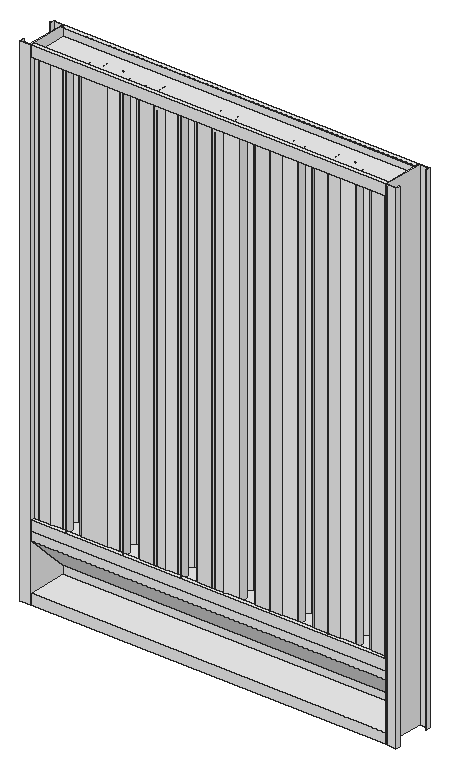
Revit family
Parameters (values of type "EVS-422")
  Width Control = if(Width < Min Width, Min Width, if(Width > Max Width, Max Width, Width))  # 3' - 0"
  Width = 3' - 0"
  Warranty = "http://www.alllite-louvers.com/All-Lite_Warranty.pdf"
  Velocity @ 0.15 in. wg. Pressure Loss = "700 fpm"  # constant formula
  URL = "http://www.alllite-louvers.com/"
  Specifications = "http://www.alllite-louvers.com/catalog/AEVS-422-csi-specification.doc"
  Screen = "1/2'' x .063'' expanded and flattened aluminum"  # constant formula
  Product URL = "http://www.alllite-louvers.com/catalog.php?model=EVS-422"
  Pressure Loss @ Beginning Point of Water Penetration = "1.00 in. wg."  # constant formula
  Omni Class Title = "Exterior Louvers & Grilles"  # constant formula
  Omni Class Code = "23-60 11 17"  # constant formula
  Mullion = "Visible"  # constant formula
  Model = "EVS-422"  # constant formula
  Minimum Size = "12'' x 12''"  # constant formula
  Min Width = 1' - 0"  # constant formula
  Min Height = 1' - 0"  # constant formula
  Maximum Size - Single Section = "60'' x 120'' / 120'' x 60''"  # constant formula
  Maximum Size - Multiple Sections = "Unlimited"  # constant formula
  Max Width = 10' - 0"  # constant formula
  Max Height = 10' - 0"  # constant formula
  Manufacturer = "All-Lite"  # constant formula
  Louver Count Interior = (Width Control - 0' 0" - 0' 3 1/8") / 0' 6"  # 5
  Louver Count Exterior = (Width Control - 0' 0" - 0' 3 1/8") / 0' 5 99/256"  # 6
  Louver = Mill finish, 6063-T5 Extruded Aluminum
  Installation = "http://www.alllite-louvers.com/catalog/Installation.pdf"
  Height Control = if(Height < Min Height, Min Height, if(Height > Max Height, Max Height, Height))  # 4' - 0"
  Height = 4' - 0"
  Free Area Velocity @ Beginning Point of Water Penetration = "1250 fpm"  # constant formula
  Free Area = "[48'' x 48'']: 2.5 ft² 15.6%"  # constant formula
  Frame = "4'' deep x .081'' thick channel"  # constant formula
  Design Load = "30 psf"  # constant formula
  Default Height = 3' - 0"
  Cut Sheet = "http://www.alllite-louvers.com/catalog/AEVS422.pdf"
  Blades = "22° x .081'' thick vertical style"  # constant formula
  Blade Height = Height Control - 0' 8 5/16" + 0' 0 235/256"  # 3' - 4 155/256"
  Assembly Code = "B2010300"
  Air Volume Delivered @ Beginning Point of Water Penetration = "3125 cfm"  # constant formula
  95 CSI = "10200"  # constant formula
  04 CSI = "08 91 00"  # constant formula
Reference planes (in)
  plane 1: y = 0
  plane 2 "Center (Left/Right)": x = 0
  plane 3 "Wall Edge": y = 6
  plane 4: z = 36
  plane 5: x = 18
  plane 6: x = -18
  plane 7: z = 84
  plane 8: x = -17
  plane 9: x = 17
  plane 10: z = 42.3125
  plane 11: z = 43.3125
  plane 12: y = 4
  plane 13: x = 13.875
  plane 14: x = -13.875
  plane 15: x = 11.125
  plane 16: x = -11.125
Forms (in)
  Sweep 1, solid, material "Mill finish, 6063-T5 Extruded Aluminum" <- "Louver"
    path origin (0, 6, 0) x (1, 0, 0) y (0, 0, 1)
      loop
        line (-18, 36) -> (-18, 84)
    profile "Frame Profile : 4"" origin (-18, 6, 60) x (-1, 0, 0) y (0, -1, 0)
      loop
        line (-1, 4) -> (-1, 0) -> (0, 0) -> (0, 0.375) -> (-0.08203, 0.375) -> (-0.08203, 0.08203) -> (-0.91797, 0.08203) -> (-0.91797, 3.91797) -> (-0.08203, 3.91797) -> (-0.08203, 3.625) -> (0, 3.625) -> (0, 4) -> (-1, 4)
  Sweep 2, solid, material "Mill finish, 6063-T5 Extruded Aluminum" <- "Louver"
    path origin (0, 6, 0) x (-1, 0, 0) y (0, 0, 1)
      loop
        line (-18, 36) -> (-18, 84)
    profile "Frame Profile : 4"" origin (18, 6, 60) x (-1, 0, 0) y (0, -1, 0)
      loop
        line (1, 4) -> (0, 4) -> (0, 3.625) -> (0.08203, 3.625) -> (0.08203, 3.91797) -> (0.91797, 3.91797) -> (0.91797, 0.08203) -> (0.08203, 0.08203) -> (0.08203, 0.375) -> (0, 0.375) -> (0, 0) -> (1, 0) -> (1, 4)
  Sweep 3, solid, material "Mill finish, 6063-T5 Extruded Aluminum" <- "Louver"
    path origin (0, 6, 0) x (1, 0, 0) y (0, 0, 1)
      loop
        line (17, 84) -> (-17, 84)
    profile "Frame Profile : 4"" origin (0, 6, 84) x (0, 0, -1) y (0, -1, 0)
      loop
        line (1, 4) -> (0, 4) -> (0, 3.625) -> (0.08203, 3.625) -> (0.08203, 3.91797) -> (0.91797, 3.91797) -> (0.91797, 0.08203) -> (0.08203, 0.08203) -> (0.08203, 0.375) -> (0, 0.375) -> (0, 0) -> (1, 0) -> (1, 4)
  Sweep 4, solid, material "Mill finish, 6063-T5 Extruded Aluminum" <- "Louver"
    path origin (0, 6, 96) x (1, 0, 0) y (0, 0, -1)
      loop
        line (17, 60) -> (-17, 60)
    profile "Frame Profile : 4"" origin (0, 6, 36) x (0, 0, -1) y (0, -1, 0)
      loop
        line (-1, 4) -> (-1, 0) -> (0, 0) -> (0, 0.375) -> (-0.08203, 0.375) -> (-0.08203, 0.08203) -> (-0.91797, 0.08203) -> (-0.91797, 3.91797) -> (-0.08203, 3.91797) -> (-0.08203, 3.625) -> (0, 3.625) -> (0, 4) -> (-1, 4)
  Sweep 5, solid, material "Mill finish, 6063-T5 Extruded Aluminum" <- "Louver"
    path origin (0, 6, 98.5) x (1, 0, 0) y (0, 0, -1)
      loop
        line (17, 61.5) -> (-17, 61.5)
    profile origin (0, 6, 37) x (0, 0, -1) y (0, -1, 0)
      loop
        line (0, 0.08203) -> (0, 0.16406) -> (-0.71677, 0.16406) -> (-4.50372, 3.95101) -> (-5.2877, 3.95101) -> (-5.2877, 3.86898) -> (-4.5377, 3.86898) -> (-0.75075, 0.08203) -> (0, 0.08203)
  Sweep 6, solid, material "Mill finish, 6063-T5 Extruded Aluminum" <- "Louver"
    path origin (0, 6, -37) x (1, 0, 0) y (0, 0, 1)
      loop
        line (17, 79.3125) -> (-17, 79.3125)
    profile "Frame Profile : 4"" origin (0, 6, 42.3125) x (0, 0, -1) y (0, -1, 0)
      loop
        line (0, 4) -> (-1, 4) -> (-1, 3.625) -> (-0.91797, 3.625) -> (-0.91797, 3.91797) -> (-0.08203, 3.91797) -> (-0.08203, 0.08203) -> (-0.91797, 0.08203) -> (-0.91797, 0.375) -> (-1, 0.375) -> (-1, 0) -> (0, 0) -> (0, 4)
  Sweep 7, solid, material "Mill finish, 6063-T5 Extruded Aluminum" <- "Louver"
    path origin (-5.5, 6, 0) x (-1, 0, 0) y (0, 0, 1)
      loop
        line (-22.5, 42.39453) -> (-22.5, 83)
    profile origin (17, 6, 62.69727) x (-1, 0, 0) y (0, -1, 0)
      loop
        arc (2.20158, 2.87251) -> (2.0963, 2.83198) -> (2.04543, 2.73128) r 0.1569
        line (2.04543, 2.73128) -> (2.12705, 2.72309)
        arc (2.12705, 2.72309) -> (2.15132, 2.77113) -> (2.20155, 2.79048) r 0.07486
        line (2.20155, 2.79048) -> (2.28361, 2.79048) -> (2.31508, 2.759) -> (2.26567, 2.67698)
        arc (2.26567, 2.67698) -> (2.22318, 2.64395) -> (2.16951, 2.64795) r 0.07486
        line (2.16951, 2.64795) -> (2.13441, 2.57381)
        arc (2.13441, 2.57381) -> (2.24689, 2.56542) -> (2.33594, 2.63465) r 0.1569
        line (2.33594, 2.63465) -> (2.33594, 2.16337) -> (2.18134, 2.16337) -> (2.18134, 1.99931) -> (2.5, 1.99931) -> (2.5, 2.80611) -> (1.68111, 3.625) -> (0, 3.625) -> (0, 3.46094) -> (0.2748, 3.46094)
        arc (0.2748, 3.46094) -> (0.27094, 3.33912) -> (0.35782, 3.25366) r 0.15194
        line (0.35782, 3.25366) -> (0.38706, 3.3303)
        arc (0.38706, 3.3303) -> (0.34207, 3.39562) -> (0.38706, 3.46094) r 0.06991
        line (0.38706, 3.46094) -> (0.47515, 3.46094)
        arc (0.47515, 3.46094) -> (0.52014, 3.39562) -> (0.47515, 3.3303) r 0.06991
        line (0.47515, 3.3303) -> (0.50439, 3.25366)
        arc (0.50439, 3.25366) -> (0.59128, 3.33912) -> (0.58741, 3.46094) r 0.15194
        line (0.58741, 3.46094) -> (1.61315, 3.46094) -> (2.20158, 2.87251)
  Sweep 8, solid, material "Mill finish, 6063-T5 Extruded Aluminum" <- "Louver"
    path origin (5.5, 6, 0) x (1, 0, 0) y (0, 0, 1)
      loop
        line (-22.5, 42.39453) -> (-22.5, 83)
    profile origin (-17, 6, 62.69727) x (-1, 0, 0) y (0, -1, 0)
      loop
        line (-2.20158, 2.87251) -> (-1.61315, 3.46094) -> (-0.58741, 3.46094)
        arc (-0.58741, 3.46094) -> (-0.59128, 3.33912) -> (-0.50439, 3.25366) r 0.15194
        line (-0.50439, 3.25366) -> (-0.47515, 3.3303)
        arc (-0.47515, 3.3303) -> (-0.52014, 3.39562) -> (-0.47515, 3.46094) r 0.06991
        line (-0.47515, 3.46094) -> (-0.38706, 3.46094)
        arc (-0.38706, 3.46094) -> (-0.34207, 3.39562) -> (-0.38706, 3.3303) r 0.06991
        line (-0.38706, 3.3303) -> (-0.35782, 3.25366)
        arc (-0.35782, 3.25366) -> (-0.27094, 3.33912) -> (-0.2748, 3.46094) r 0.15194
        line (-0.2748, 3.46094) -> (0, 3.46094) -> (0, 3.625) -> (-1.68111, 3.625) -> (-2.5, 2.80611) -> (-2.5, 1.99931) -> (-2.18134, 1.99931) -> (-2.18134, 2.16337) -> (-2.33594, 2.16337) -> (-2.33594, 2.63465)
        arc (-2.33594, 2.63465) -> (-2.24689, 2.56542) -> (-2.13441, 2.57381) r 0.1569
        line (-2.13441, 2.57381) -> (-2.16951, 2.64795)
        arc (-2.16951, 2.64795) -> (-2.22318, 2.64395) -> (-2.26567, 2.67698) r 0.07486
        line (-2.26567, 2.67698) -> (-2.31508, 2.759) -> (-2.28361, 2.79048) -> (-2.20155, 2.79048)
        arc (-2.20155, 2.79048) -> (-2.15132, 2.77113) -> (-2.12705, 2.72309) r 0.07486
        line (-2.12705, 2.72309) -> (-2.04543, 2.73128)
        arc (-2.04543, 2.73128) -> (-2.0963, 2.83198) -> (-2.20158, 2.87251) r 0.1569
Lines and regions (in)
  Opening 1
    outline origin (-60, -6, 0) x (1, 0, 0) y (0, 0, 1)
      loop
        line (78, 84) -> (42, 84) -> (42, 36) -> (78, 36) -> (78, 84)
Text (in)
  text "Placement Side" at (0, 40.15149, 123.01588), in view "Right"
  text "Placement Side" at (-70.3804, 28.46503, 0), in view "Ref. Level"
  text "Placement Side" at (0, 81.62555, 140.59947), in view "Left"
Dimensions and locks (in)
  locked: plane 3 "Wall Edge" to host wall
  "Default Height": level to plane 4
  "Height Control": plane 4 to plane 7
  equal spacing: plane 6, plane 2 "Center (Left/Right)", plane 5
  "Width Control": plane 6 to plane 5
  locked: plane 6 to plane 8 at 1
  locked: plane 9 to plane 5 at 1
  plane 4 to plane 10 to plane 11 = 0' - 6 5/16" locked, 0' - 1" locked
  plane 4 to plane 11 = 0' - 7 5/16"
  plane 13 to plane 9 = 0' - 3 1/8"
  plane 8 to plane 14 = 0' - 3 1/8"
  equal spacing: group 2, group 6, group 5, group 4, group 3, group 1
  equal spacing: group 1, group 3, group 4, group 5, group 6, group 2  (x2)
  locked: plane 15 to plane 13 at 2.75
  locked: plane 16 to plane 14 at 2.75
  equal spacing: group 8, group 11, group 10, group 9, group 7
  equal spacing: group 7, group 9, group 10, group 11, group 8  (x2)
  aligned and locked: plane 7 to Opening 1 sketch curve
  aligned and locked: Opening 1 sketch curve to plane 5
  aligned and locked: Opening 1 sketch curve to plane 4
  aligned and locked: plane 6 to Opening 1 sketch curve
  aligned and locked: plane 7 to Sweep 1 sketch curve
  aligned and locked: plane 4 to Sweep 1 sketch curve
  aligned and locked: plane 6 to Sweep 1 sketch curve
  aligned and locked: plane 5 to Sweep 2 sketch curve
  aligned and locked: plane 7 to Sweep 2 sketch curve
  aligned and locked: plane 4 to Sweep 2 sketch curve
  aligned and locked: Sweep 3 sketch curve to plane 7
  aligned and locked: plane 8 to Sweep 3 sketch curve
  aligned and locked: plane 9 to Sweep 3 sketch curve
  aligned and locked: Sweep 4 sketch curve to plane 4
  aligned and locked: plane 8 to Sweep 4 sketch curve
  aligned and locked: plane 9 to Sweep 4 sketch curve
  aligned and locked: Sweep 5 sketch curve to Sweep 4
  aligned and locked: plane 9 to Sweep 5 sketch curve
  aligned and locked: plane 8 to Sweep 5 sketch curve
  aligned and locked: Sweep 6 sketch curve to plane 10
  aligned and locked: Sweep 3 to Sweep 7 sketch curve
  aligned and locked: Sweep 7 sketch curve to plane 9
  aligned and locked: plane 8 to Sweep 8 sketch curve
  aligned and locked: Sweep 6 to Sweep 8 sketch curve
  aligned and locked: Sweep 8 sketch curve to Sweep 3
  aligned and locked: Sweep 7 sketch curve to Sweep 6
  aligned and locked: nested 1 to Sweep 6  (x2)
  aligned and locked: plane 13 to nested 2
  aligned and locked: nested 3 to plane 14
  aligned and locked: nested 2 to Sweep 7
  aligned and locked: nested 3 to Sweep 8
  aligned and locked: nested 8 to plane 16
  aligned and locked: nested 1 to plane 15
  aligned and locked: nested 2 to Sweep 6
  aligned and locked: nested 3 to Sweep 6
  aligned and locked: nested 8 to Sweep 6
Automatic sketch dimensions
  Sweep 5 sketch curve to profile plane = 0' - 0"
  plane 3 "Wall Edge" to Sweep 5 sketch curve = 0' - 0 21/128"
  profile plane to Sweep 5 sketch curve = 0' - 0.71677"
  Sweep 5 sketch curve to Sweep 5 sketch curve = 0' - 0.03398"  (x2)
  profile plane to Sweep 5 sketch curve = 0' - 4.50372"
  Sweep 5 sketch curve to Sweep 5 sketch curve = 0' - 0 3/4"
  Sweep 5 sketch curve to Sweep 5 sketch curve = 0' - 0 21/256"  (x2)
  plane 3 "Wall Edge" to Sweep 5 sketch curve = 0' - 3.86898"
  plane 8 to Sweep 6 sketch curve = 0' - 0"
  Sweep 6 sketch curve to plane 9 = 0' - 0"
  Sweep 7 sketch curve to Sweep 7 sketch curve = 0' - 0"  (x17)
  Sweep 7 sketch curve to profile plane = 0' - 0"
  Sweep 7 sketch curve to profile plane = 0' - 0.2748"
  Sweep 7 sketch curve to Sweep 7 sketch curve = 0' - 0.08302"
  Sweep 7 sketch curve to Sweep 7 sketch curve = 0' - 0.11226"  (x2)
  Sweep 7 sketch curve to Sweep 7 sketch curve = 0' - 0.02924"  (x2)
  Sweep 7 sketch curve to Sweep 7 sketch curve = 0' - 0.02492"  (x3)
  Sweep 7 sketch curve to Sweep 7 sketch curve = 0' - 0.03824"
  Sweep 7 sketch curve to Sweep 7 sketch curve = 0' - 1.02574"
  Sweep 7 sketch curve to Sweep 7 sketch curve = 0' - 0.06796"
  Sweep 7 sketch curve to Sweep 7 sketch curve = 0' - 0.43228"
  Sweep 7 sketch curve to Sweep 7 sketch curve = 0' - 0.08162"
  Sweep 7 sketch curve to Sweep 7 sketch curve = 0' - 0.00735"
  Sweep 7 sketch curve to Sweep 7 sketch curve = 0' - 0.0351"
  Sweep 7 sketch curve to Sweep 7 sketch curve = 0' - 0.04693"
  Sweep 7 sketch curve to Sweep 7 sketch curve = 0' - 0.07449"
  Sweep 7 sketch curve to Sweep 7 sketch curve = 0' - 0.00003"
  Sweep 7 sketch curve to Sweep 7 sketch curve = 0' - 0.06413"
  Sweep 7 sketch curve to Sweep 7 sketch curve = 0' - 0.08206"
  Sweep 7 sketch curve to Sweep 7 sketch curve = 0' - 0.03148"  (x2)
  Sweep 7 sketch curve to Sweep 7 sketch curve = 0' - 0.1546"
  Sweep 7 sketch curve to Sweep 7 sketch curve = 0' - 0.18492"
  plane 3 "Wall Edge" to Sweep 7 sketch curve = 0' - 1.99931"
  Sweep 7 sketch curve to Sweep 7 sketch curve = 0' - 0 21/128"  (x2)
  Sweep 7 sketch curve to Sweep 7 sketch curve = 0' - 0.41044"
  Sweep 7 sketch curve to Sweep 7 sketch curve = 0' - 0.06084"
  Sweep 7 sketch curve to Sweep 7 sketch curve = 0' - 0.06766"
  Sweep 7 sketch curve to Sweep 7 sketch curve = 0' - 0.00748"
  Sweep 7 sketch curve to Sweep 7 sketch curve = 0' - 0.00819"
  Sweep 7 sketch curve to Sweep 7 sketch curve = 0' - 0.0471"
  Sweep 7 sketch curve to Sweep 7 sketch curve = 0' - 0.52237"
  Sweep 7 sketch curve to Sweep 7 sketch curve = 0' - 0.07664"  (x2)
  Sweep 7 sketch curve to Sweep 7 sketch curve = 0' - 0.06532"
  Sweep 8 sketch curve to Sweep 8 sketch curve = 0' - 0"  (x17)
  Sweep 8 sketch curve to profile plane = 0' - 0"
  Sweep 8 sketch curve to Sweep 8 sketch curve = 0' - 0.2748"
  Sweep 8 sketch curve to Sweep 8 sketch curve = 0' - 0.08302"
  Sweep 8 sketch curve to Sweep 8 sketch curve = 0' - 0.11226"  (x2)
  Sweep 8 sketch curve to Sweep 8 sketch curve = 0' - 0.02924"  (x2)
  Sweep 8 sketch curve to Sweep 8 sketch curve = 0' - 0.02492"  (x3)
  Sweep 8 sketch curve to Sweep 8 sketch curve = 0' - 0.03824"
  Sweep 8 sketch curve to Sweep 8 sketch curve = 0' - 1.02574"
  Sweep 8 sketch curve to Sweep 8 sketch curve = 0' - 0.06796"
  Sweep 8 sketch curve to Sweep 8 sketch curve = 0' - 0.43228"
  Sweep 8 sketch curve to Sweep 8 sketch curve = 0' - 0.08162"
  Sweep 8 sketch curve to Sweep 8 sketch curve = 0' - 0.00735"
  Sweep 8 sketch curve to Sweep 8 sketch curve = 0' - 0.0351"
  Sweep 8 sketch curve to Sweep 8 sketch curve = 0' - 0.04693"
  Sweep 8 sketch curve to Sweep 8 sketch curve = 0' - 0.07449"
  Sweep 8 sketch curve to Sweep 8 sketch curve = 0' - 0.00003"
  Sweep 8 sketch curve to Sweep 8 sketch curve = 0' - 0.06413"
  Sweep 8 sketch curve to Sweep 8 sketch curve = 0' - 0.08206"
  Sweep 8 sketch curve to Sweep 8 sketch curve = 0' - 0.03148"  (x2)
  Sweep 8 sketch curve to Sweep 8 sketch curve = 0' - 0.07027"
  Sweep 8 sketch curve to Sweep 8 sketch curve = 0' - 0 21/128"  (x3)
  plane 3 "Wall Edge" to Sweep 8 sketch curve = 0' - 1.99931"
  Sweep 8 sketch curve to Sweep 8 sketch curve = 0' - 0.41044"
  Sweep 8 sketch curve to Sweep 8 sketch curve = 0' - 0.06084"
  Sweep 8 sketch curve to Sweep 8 sketch curve = 0' - 0.06766"
  Sweep 8 sketch curve to Sweep 8 sketch curve = 0' - 0.00748"
  Sweep 8 sketch curve to Sweep 8 sketch curve = 0' - 0.00819"
  Sweep 8 sketch curve to Sweep 8 sketch curve = 0' - 0.0471"
  Sweep 8 sketch curve to Sweep 8 sketch curve = 0' - 0.52237"
  Sweep 8 sketch curve to Sweep 8 sketch curve = 0' - 0.07664"  (x2)
  Sweep 8 sketch curve to Sweep 8 sketch curve = 0' - 0.06532"
Nested families (in)
  nested 1: "422 LouverBlade" at (11.125, 2.375, 42.39453), type "422 LouverBlade"
    with H 3' - 4 155/256"
  nested 2: "422 LouverBlade" at (13.875, 5.46232, 42.39453) x (-1, 0, 0) z (0, 0, 1), type "422 LouverBlade"
    with H 3' - 4 155/256"
  nested 3: "422 LouverBlade" at (-13.875, 5.46232, 42.39453) x (-1, 0, 0) z (0, 0, 1), type "422 LouverBlade"
    with H 3' - 4 155/256"
  nested 4: "422 LouverBlade" at (8.325, 5.46232, 42.39453) x (-1, 0, 0) z (0, 0, 1), type "422 LouverBlade"
    with H 3' - 4 155/256"
  nested 5: "422 LouverBlade" at (2.775, 5.46232, 42.39453) x (-1, 0, 0) z (0, 0, 1), type "422 LouverBlade"
    with H 3' - 4 155/256"
  nested 6: "422 LouverBlade" at (-2.775, 5.46232, 42.39453) x (-1, 0, 0) z (0, 0, 1), type "422 LouverBlade"
    with H 3' - 4 155/256"
  nested 7: "422 LouverBlade" at (-8.325, 5.46232, 42.39453) x (-1, 0, 0) z (0, 0, 1), type "422 LouverBlade"
    with H 3' - 4 155/256"
  nested 8: "422 LouverBlade" at (-11.125, 2.375, 42.39453), type "422 LouverBlade"
    with H 3' - 4 155/256"
  nested 9: "422 LouverBlade" at (5.5625, 2.375, 42.39453), type "422 LouverBlade"
    with H 3' - 4 155/256"
  nested 10: "422 LouverBlade" at (0, 2.375, 42.39453), type "422 LouverBlade"
    with H 3' - 4 155/256"
  nested 11: "422 LouverBlade" at (-5.5625, 2.375, 42.39453), type "422 LouverBlade"
    with H 3' - 4 155/256"
Definition of nested family "422 LouverBlade"
  Parameters (values of type "422 LouverBlade")
    H = 4' - 0"
    Blade = Mill finish, 6063-T5 Extruded Aluminum
  Reference planes (in)
    plane 1 "Center (Front/Back)": y = 0
    plane 2: z = 0
    plane 3 "Center (Left/Right)": x = 0
    plane 4: z = 48
    plane 5: y = 1.62569
  Forms (in)
    Sweep 1, solid, material "Mill finish, 6063-T5 Extruded Aluminum" <- "Blade"
      path origin (0, 0, 0) x (1, 0, 0) y (0, 0, 1)
        loop
          line (0, 48) -> (0, 0)
      profile origin (0, 0, 24) x (0, -1, 0) y (1, 0, 0)
        loop
          line (0, 1.25) -> (-0.81889, 2.06889) -> (-1.62569, 2.06889) -> (-1.62569, 1.75023) -> (-1.46163, 1.75023) -> (-1.46163, 1.90483) -> (-0.99035, 1.90483)
          arc (-0.99035, 1.90483) -> (-1.05958, 1.81578) -> (-1.05119, 1.7033) r 0.1569
          line (-1.05119, 1.7033) -> (-0.97705, 1.7384)
          arc (-0.97705, 1.7384) -> (-0.98105, 1.79208) -> (-0.94802, 1.83457) r 0.07486
          line (-0.94802, 1.83457) -> (-0.866, 1.88398) -> (-0.83452, 1.8525) -> (-0.83452, 1.77044)
          arc (-0.83452, 1.77044) -> (-0.85387, 1.72021) -> (-0.90191, 1.69595) r 0.07486
          line (-0.90191, 1.69595) -> (-0.89372, 1.61433)
          arc (-0.89372, 1.61433) -> (-0.79302, 1.66519) -> (-0.75249, 1.77047) r 0.1569
          line (-0.75249, 1.77047) -> (-0.16406, 1.18204) -> (-0.16406, 0.15631)
          arc (-0.16406, 0.15631) -> (-0.28588, 0.16017) -> (-0.37134, 0.07329) r 0.15194
          line (-0.37134, 0.07329) -> (-0.2947, 0.04404)
          arc (-0.2947, 0.04404) -> (-0.22938, 0.08903) -> (-0.16406, 0.04404) r 0.06991
          line (-0.16406, 0.04404) -> (-0.16406, -0.04404)
          arc (-0.16406, -0.04404) -> (-0.22938, -0.08903) -> (-0.2947, -0.04404) r 0.06991
          line (-0.2947, -0.04404) -> (-0.37134, -0.07329)
          arc (-0.37134, -0.07329) -> (-0.28588, -0.16017) -> (-0.16406, -0.15631) r 0.15194
          line (-0.16406, -0.15631) -> (-0.16406, -1.18204) -> (-0.75249, -1.77047)
          arc (-0.75249, -1.77047) -> (-0.79302, -1.66519) -> (-0.89372, -1.61433) r 0.1569
          line (-0.89372, -1.61433) -> (-0.90191, -1.69595)
          arc (-0.90191, -1.69595) -> (-0.85387, -1.72021) -> (-0.83452, -1.77044) r 0.07486
          line (-0.83452, -1.77044) -> (-0.83452, -1.8525) -> (-0.866, -1.88398) -> (-0.94802, -1.83457)
          arc (-0.94802, -1.83457) -> (-0.98105, -1.79208) -> (-0.97705, -1.7384) r 0.07486
          line (-0.97705, -1.7384) -> (-1.05119, -1.7033)
          arc (-1.05119, -1.7033) -> (-1.05958, -1.81578) -> (-0.99035, -1.90483) r 0.1569
          line (-0.99035, -1.90483) -> (-1.46163, -1.90483) -> (-1.46163, -1.75023) -> (-1.62569, -1.75023) -> (-1.62569, -2.06889) -> (-0.81889, -2.06889) -> (0, -1.25) -> (0, 1.25)
  Dimensions and locks (in)
    "H": plane 4 to plane 2
    aligned and locked: plane 2 to level
    aligned and locked: plane 4 to Sweep 1 sketch curve
    aligned and locked: level to Sweep 1 sketch curve
  Automatic sketch dimensions
    Sweep 1 sketch curve to plane 3 "Center (Left/Right)" = 0' - 0"
    Sweep 1 sketch curve to Sweep 1 sketch curve = 0' - 0"  (x30)
    profile plane to Sweep 1 sketch curve = 0' - 0"
    Sweep 1 sketch curve to profile plane = 0' - 0 21/128"  (x2)
    profile plane to Sweep 1 sketch curve = 0' - 0.04404"  (x2)
    profile plane to Sweep 1 sketch curve = 0' - 0.01912"
    Sweep 1 sketch curve to Sweep 1 sketch curve = 0' - 0.06532"  (x2)
    Sweep 1 sketch curve to profile plane = 0' - 0.01912"
    Sweep 1 sketch curve to profile plane = 0' - 0.04404"
    Sweep 1 sketch curve to profile plane = 0' - 0.07329"
    Sweep 1 sketch curve to Sweep 1 sketch curve = 0' - 0.07664"  (x2)
    profile plane to Sweep 1 sketch curve = 0' - 0.07329"
    Sweep 1 sketch curve to profile plane = 0' - 0.75249"  (x2)
    Sweep 1 sketch curve to Sweep 1 sketch curve = 0' - 0 17/256"  (x2)
    Sweep 1 sketch curve to Sweep 1 sketch curve = 0' - 0 21/256"  (x2)
    Sweep 1 sketch curve to Sweep 1 sketch curve = 0' - 0.03148"  (x4)
    Sweep 1 sketch curve to Sweep 1 sketch curve = 0' - 0.0592"  (x2)
    Sweep 1 sketch curve to Sweep 1 sketch curve = 0' - 0.00819"  (x2)
    Sweep 1 sketch curve to Sweep 1 sketch curve = 0' - 0.07486"  (x2)
    Sweep 1 sketch curve to Sweep 1 sketch curve = 0' - 0.03863"  (x2)
    Sweep 1 sketch curve to Sweep 1 sketch curve = 0' - 0.06766"  (x2)
    Sweep 1 sketch curve to Sweep 1 sketch curve = 0' - 0.04233"  (x2)
    Sweep 1 sketch curve to Sweep 1 sketch curve = 0' - 0.07414"  (x2)
    Sweep 1 sketch curve to Sweep 1 sketch curve = 0' - 0.41044"  (x2)
    Sweep 1 sketch curve to Sweep 1 sketch curve = 0' - 0 21/128"  (x4)
    Sweep 1 sketch curve to Sweep 1 sketch curve = 0' - 1.02574"  (x2)
    Sweep 1 sketch curve to Sweep 1 sketch curve = 0' - 0.06796"  (x2)
    Sweep 1 sketch curve to Sweep 1 sketch curve = 0' - 0.43228"  (x2)
    Sweep 1 sketch curve to Sweep 1 sketch curve = 0' - 0.08162"  (x2)
    Sweep 1 sketch curve to Sweep 1 sketch curve = 0' - 0.00735"  (x2)
    Sweep 1 sketch curve to Sweep 1 sketch curve = 0' - 0.03204"  (x2)
    Sweep 1 sketch curve to Sweep 1 sketch curve = 0' - 0.1546"  (x2)
    Sweep 1 sketch curve to Sweep 1 sketch curve = 0' - 0.08206"  (x2)
